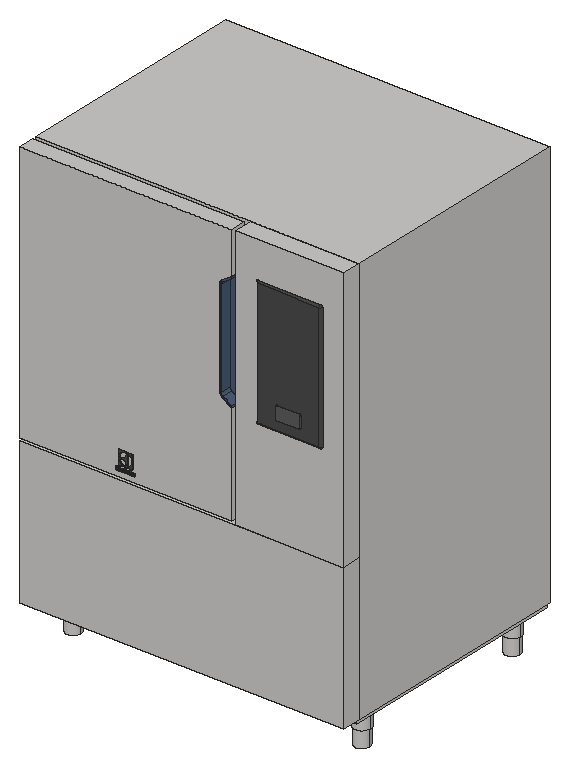
Revit family "QF_ELECTROLUXPROFESSIONAL_727739_EBFA12A", category Specialty Equipment, Revit 2018 (continued)
Lines and regions (mm)
  Split face 221
    outline origin (170.176, -292.149, -222.619) x (-1, 0, 0) y (0, 0, -1)
      loop
        line (846.638, -548.639) -> (956.654, -548.639) -> (956.654, -543.665) -> (846.638, -543.665) -> (846.638, -548.639)
  Split face 222
    outline origin (170.176, -292.149, -213.119) x (-1, 0, 0) y (0, 0, -1)
      loop
        line (846.638, -548.639) -> (956.654, -548.639) -> (956.654, -543.665) -> (846.638, -543.665) -> (846.638, -548.639)
  Split face 223
    outline origin (170.176, -292.149, -203.619) x (-1, 0, 0) y (0, 0, -1)
      loop
        line (846.638, -548.639) -> (956.654, -548.639) -> (956.654, -543.665) -> (846.638, -543.665) -> (846.638, -548.639)
  Split face 224
    outline origin (170.176, -292.149, -194.118) x (-1, 0, 0) y (0, 0, -1)
      loop
        line (846.638, -548.639) -> (956.654, -548.639) -> (956.654, -543.665) -> (846.638, -543.665) -> (846.638, -548.639)
  Split face 225
    outline origin (170.176, -292.149, -184.618) x (-1, 0, 0) y (0, 0, -1)
      loop
        line (846.638, -548.639) -> (956.654, -548.639) -> (956.654, -543.665) -> (846.638, -543.665) -> (846.638, -548.639)
  Split face 226
    outline origin (170.176, -292.149, -175.118) x (-1, 0, 0) y (0, 0, -1)
      loop
        line (846.638, -548.639) -> (956.654, -548.639) -> (956.654, -543.665) -> (846.638, -543.665) -> (846.638, -548.639)
  Split face 227
    outline origin (170.176, -292.149, -165.618) x (-1, 0, 0) y (0, 0, -1)
      loop
        line (846.638, -548.639) -> (956.654, -548.639) -> (956.654, -543.665) -> (846.638, -543.665) -> (846.638, -548.639)
  Split face 228
    outline origin (170.176, -292.149, -156.118) x (-1, 0, 0) y (0, 0, -1)
      loop
        line (846.638, -548.639) -> (956.654, -548.639) -> (956.654, -543.665) -> (846.638, -543.665) -> (846.638, -548.639)
  Split face 229
    outline origin (170.176, -292.149, -146.618) x (-1, 0, 0) y (0, 0, -1)
      loop
        line (846.638, -548.639) -> (956.654, -548.639) -> (956.654, -543.665) -> (846.638, -543.665) -> (846.638, -548.639)
  Split face 230
    outline origin (170.176, -292.149, -137.118) x (-1, 0, 0) y (0, 0, -1)
      loop
        line (846.638, -548.639) -> (956.654, -548.639) -> (956.654, -543.665) -> (846.638, -543.665) -> (846.638, -548.639)
  Split face 231
    outline origin (170.176, -292.149, -127.618) x (-1, 0, 0) y (0, 0, -1)
      loop
        line (846.638, -548.639) -> (956.654, -548.639) -> (956.654, -543.665) -> (846.638, -543.665) -> (846.638, -548.639)
  Split face 232
    outline origin (170.176, -292.149, -118.118) x (-1, 0, 0) y (0, 0, -1)
      loop
        line (846.638, -548.639) -> (956.654, -548.639) -> (956.654, -543.665) -> (846.638, -543.665) -> (846.638, -548.639)
  Split face 233
    outline origin (170.176, -292.149, -108.618) x (-1, 0, 0) y (0, 0, -1)
      loop
        line (846.638, -548.639) -> (956.654, -548.639) -> (956.654, -543.665) -> (846.638, -543.665) -> (846.638, -548.639)
  Split face 234
    outline origin (170.176, -292.149, -99.118) x (-1, 0, 0) y (0, 0, -1)
      loop
        line (846.638, -548.639) -> (956.654, -548.639) -> (956.654, -543.665) -> (846.638, -543.665) -> (846.638, -548.639)
  Split face 235
    outline origin (170.176, -292.149, -89.618) x (-1, 0, 0) y (0, 0, -1)
      loop
        line (846.638, -548.639) -> (956.654, -548.639) -> (956.654, -543.665) -> (846.638, -543.665) -> (846.638, -548.639)
  Split face 236
    outline origin (170.176, -292.149, -80.117) x (-1, 0, 0) y (0, 0, -1)
      loop
        line (846.638, -548.639) -> (956.654, -548.639) -> (956.654, -543.665) -> (846.638, -543.665) -> (846.638, -548.639)
  Split face 237
    outline origin (170.176, -292.149, -70.617) x (-1, 0, 0) y (0, 0, -1)
      loop
        line (846.638, -548.639) -> (956.654, -548.639) -> (956.654, -543.665) -> (846.638, -543.665) -> (846.638, -548.639)
  Split face 238
    outline origin (170.176, -292.149, -61.117) x (-1, 0, 0) y (0, 0, -1)
      loop
        line (846.638, -548.639) -> (956.654, -548.639) -> (956.654, -543.665) -> (846.638, -543.665) -> (846.638, -548.639)
  Split face 239
    outline origin (170.176, -292.149, -51.617) x (-1, 0, 0) y (0, 0, -1)
      loop
        line (846.638, -548.639) -> (956.654, -548.639) -> (956.654, -543.665) -> (846.638, -543.665) -> (846.638, -548.639)
  Split face 240
    outline origin (170.176, -292.149, -42.117) x (-1, 0, 0) y (0, 0, -1)
      loop
        line (846.638, -548.639) -> (956.654, -548.639) -> (956.654, -543.665) -> (846.638, -543.665) -> (846.638, -548.639)
  Split face 241
    outline origin (170.176, -292.149, -32.617) x (-1, 0, 0) y (0, 0, -1)
      loop
        line (846.638, -548.639) -> (956.654, -548.639) -> (956.654, -543.665) -> (846.638, -543.665) -> (846.638, -548.639)
  Split face 242
    outline origin (170.176, -292.149, -23.117) x (-1, 0, 0) y (0, 0, -1)
      loop
        line (846.638, -548.639) -> (956.654, -548.639) -> (956.654, -543.665) -> (846.638, -543.665) -> (846.638, -548.639)
  Split face 243
    outline origin (170.176, -292.149, -13.617) x (-1, 0, 0) y (0, 0, -1)
      loop
        line (846.638, -548.639) -> (956.654, -548.639) -> (956.654, -543.665) -> (846.638, -543.665) -> (846.638, -548.639)
  Split face 244
    outline origin (170.176, -292.149, -4.117) x (-1, 0, 0) y (0, 0, -1)
      loop
        line (846.638, -548.639) -> (956.654, -548.639) -> (956.654, -543.665) -> (846.638, -543.665) -> (846.638, -548.639)
  Split face 245
    outline origin (170.176, -292.149, 5.383) x (-1, 0, 0) y (0, 0, -1)
      loop
        line (846.638, -548.639) -> (956.654, -548.639) -> (956.654, -543.665) -> (846.638, -543.665) -> (846.638, -548.639)
  Split face 246
    outline origin (170.176, -292.149, 14.883) x (-1, 0, 0) y (0, 0, -1)
      loop
        line (846.638, -548.639) -> (956.654, -548.639) -> (956.654, -543.665) -> (846.638, -543.665) -> (846.638, -548.639)
  Split face 247
    outline origin (50.185, -292.149, -365.12) x (-1, 0, 0) y (0, 0, -1)
      loop
        line (846.638, -548.639) -> (956.654, -548.639) -> (956.654, -543.665) -> (846.638, -543.665) -> (846.638, -548.639)
  Split face 248
    outline origin (50.185, -292.149, -355.62) x (-1, 0, 0) y (0, 0, -1)
      loop
        line (846.638, -548.639) -> (956.654, -548.639) -> (956.654, -543.665) -> (846.638, -543.665) -> (846.638, -548.639)
  Split face 249
    outline origin (50.185, -292.149, -346.12) x (-1, 0, 0) y (0, 0, -1)
      loop
        line (846.638, -548.639) -> (956.654, -548.639) -> (956.654, -543.665) -> (846.638, -543.665) -> (846.638, -548.639)
  Split face 250
    outline origin (50.185, -292.149, -336.62) x (-1, 0, 0) y (0, 0, -1)
      loop
        line (846.638, -548.639) -> (956.654, -548.639) -> (956.654, -543.665) -> (846.638, -543.665) -> (846.638, -548.639)
  Split face 251
    outline origin (50.185, -292.149, -327.12) x (-1, 0, 0) y (0, 0, -1)
      loop
        line (846.638, -548.639) -> (956.654, -548.639) -> (956.654, -543.665) -> (846.638, -543.665) -> (846.638, -548.639)
  Split face 252
    outline origin (50.185, -292.149, -317.619) x (-1, 0, 0) y (0, 0, -1)
      loop
        line (846.638, -548.639) -> (956.654, -548.639) -> (956.654, -543.665) -> (846.638, -543.665) -> (846.638, -548.639)
  Split face 253
    outline origin (50.185, -292.149, -308.119) x (-1, 0, 0) y (0, 0, -1)
      loop
        line (846.638, -548.639) -> (956.654, -548.639) -> (956.654, -543.665) -> (846.638, -543.665) -> (846.638, -548.639)
  Split face 254
    outline origin (50.185, -292.149, -298.619) x (-1, 0, 0) y (0, 0, -1)
      loop
        line (846.638, -548.639) -> (956.654, -548.639) -> (956.654, -543.665) -> (846.638, -543.665) -> (846.638, -548.639)
  Split face 255
    outline origin (50.185, -292.149, -289.119) x (-1, 0, 0) y (0, 0, -1)
      loop
        line (846.638, -548.639) -> (956.654, -548.639) -> (956.654, -543.665) -> (846.638, -543.665) -> (846.638, -548.639)
  Split face 256
    outline origin (50.185, -292.149, -279.619) x (-1, 0, 0) y (0, 0, -1)
      loop
        line (846.638, -548.639) -> (956.654, -548.639) -> (956.654, -543.665) -> (846.638, -543.665) -> (846.638, -548.639)
  Split face 257
    outline origin (50.185, -292.149, -270.119) x (-1, 0, 0) y (0, 0, -1)
      loop
        line (846.638, -548.639) -> (956.654, -548.639) -> (956.654, -543.665) -> (846.638, -543.665) -> (846.638, -548.639)
  Split face 258
    outline origin (50.185, -292.149, -260.619) x (-1, 0, 0) y (0, 0, -1)
      loop
        line (846.638, -548.639) -> (956.654, -548.639) -> (956.654, -543.665) -> (846.638, -543.665) -> (846.638, -548.639)
  Split face 259
    outline origin (50.185, -292.149, -251.119) x (-1, 0, 0) y (0, 0, -1)
      loop
        line (846.638, -548.639) -> (956.654, -548.639) -> (956.654, -543.665) -> (846.638, -543.665) -> (846.638, -548.639)
  Split face 260
    outline origin (50.185, -292.149, -241.619) x (-1, 0, 0) y (0, 0, -1)
      loop
        line (846.638, -548.639) -> (956.654, -548.639) -> (956.654, -543.665) -> (846.638, -543.665) -> (846.638, -548.639)
  Split face 261
    outline origin (50.185, -292.149, -232.119) x (-1, 0, 0) y (0, 0, -1)
      loop
        line (846.638, -548.639) -> (956.654, -548.639) -> (956.654, -543.665) -> (846.638, -543.665) -> (846.638, -548.639)
  Split face 262
    outline origin (50.185, -292.149, -222.619) x (-1, 0, 0) y (0, 0, -1)
      loop
        line (846.638, -548.639) -> (956.654, -548.639) -> (956.654, -543.665) -> (846.638, -543.665) -> (846.638, -548.639)
  Split face 263
    outline origin (50.185, -292.149, -213.119) x (-1, 0, 0) y (0, 0, -1)
      loop
        line (846.638, -548.639) -> (956.654, -548.639) -> (956.654, -543.665) -> (846.638, -543.665) -> (846.638, -548.639)
  Split face 264
    outline origin (50.185, -292.149, -203.619) x (-1, 0, 0) y (0, 0, -1)
      loop
        line (846.638, -548.639) -> (956.654, -548.639) -> (956.654, -543.665) -> (846.638, -543.665) -> (846.638, -548.639)
  Split face 265
    outline origin (50.185, -292.149, -194.118) x (-1, 0, 0) y (0, 0, -1)
      loop
        line (846.638, -548.639) -> (956.654, -548.639) -> (956.654, -543.665) -> (846.638, -543.665) -> (846.638, -548.639)
  Split face 266
    outline origin (50.185, -292.149, -184.618) x (-1, 0, 0) y (0, 0, -1)
      loop
        line (846.638, -548.639) -> (956.654, -548.639) -> (956.654, -543.665) -> (846.638, -543.665) -> (846.638, -548.639)
  Split face 267
    outline origin (50.185, -292.149, -175.118) x (-1, 0, 0) y (0, 0, -1)
      loop
        line (846.638, -548.639) -> (956.654, -548.639) -> (956.654, -543.665) -> (846.638, -543.665) -> (846.638, -548.639)
  Split face 268
    outline origin (50.185, -292.149, -165.618) x (-1, 0, 0) y (0, 0, -1)
      loop
        line (846.638, -548.639) -> (956.654, -548.639) -> (956.654, -543.665) -> (846.638, -543.665) -> (846.638, -548.639)
  Split face 269
    outline origin (50.185, -292.149, -156.118) x (-1, 0, 0) y (0, 0, -1)
      loop
        line (846.638, -548.639) -> (956.654, -548.639) -> (956.654, -543.665) -> (846.638, -543.665) -> (846.638, -548.639)
  Split face 270
    outline origin (50.185, -292.149, -146.618) x (-1, 0, 0) y (0, 0, -1)
      loop
        line (846.638, -548.639) -> (956.654, -548.639) -> (956.654, -543.665) -> (846.638, -543.665) -> (846.638, -548.639)
  Split face 271
    outline origin (50.185, -292.149, -137.118) x (-1, 0, 0) y (0, 0, -1)
      loop
        line (846.638, -548.639) -> (956.654, -548.639) -> (956.654, -543.665) -> (846.638, -543.665) -> (846.638, -548.639)
  Split face 272
    outline origin (50.185, -292.149, -127.618) x (-1, 0, 0) y (0, 0, -1)
      loop
        line (846.638, -548.639) -> (956.654, -548.639) -> (956.654, -543.665) -> (846.638, -543.665) -> (846.638, -548.639)
  Split face 273
    outline origin (50.185, -292.149, -118.118) x (-1, 0, 0) y (0, 0, -1)
      loop
        line (846.638, -548.639) -> (956.654, -548.639) -> (956.654, -543.665) -> (846.638, -543.665) -> (846.638, -548.639)
  Split face 274
    outline origin (50.185, -292.149, -108.618) x (-1, 0, 0) y (0, 0, -1)
      loop
        line (846.638, -548.639) -> (956.654, -548.639) -> (956.654, -543.665) -> (846.638, -543.665) -> (846.638, -548.639)
  Split face 275
    outline origin (50.185, -292.149, -99.118) x (-1, 0, 0) y (0, 0, -1)
      loop
        line (846.638, -548.639) -> (956.654, -548.639) -> (956.654, -543.665) -> (846.638, -543.665) -> (846.638, -548.639)
  Split face 276
    outline origin (50.185, -292.149, -89.618) x (-1, 0, 0) y (0, 0, -1)
      loop
        line (846.638, -548.639) -> (956.654, -548.639) -> (956.654, -543.665) -> (846.638, -543.665) -> (846.638, -548.639)
  Split face 277
    outline origin (50.185, -292.149, -80.117) x (-1, 0, 0) y (0, 0, -1)
      loop
        line (846.638, -548.639) -> (956.654, -548.639) -> (956.654, -543.665) -> (846.638, -543.665) -> (846.638, -548.639)
  Split face 278
    outline origin (50.185, -292.149, -70.617) x (-1, 0, 0) y (0, 0, -1)
      loop
        line (846.638, -548.639) -> (956.654, -548.639) -> (956.654, -543.665) -> (846.638, -543.665) -> (846.638, -548.639)
  Split face 279
    outline origin (50.185, -292.149, -61.117) x (-1, 0, 0) y (0, 0, -1)
      loop
        line (846.638, -548.639) -> (956.654, -548.639) -> (956.654, -543.665) -> (846.638, -543.665) -> (846.638, -548.639)
  Split face 280
    outline origin (50.185, -292.149, -51.617) x (-1, 0, 0) y (0, 0, -1)
      loop
        line (846.638, -548.639) -> (956.654, -548.639) -> (956.654, -543.665) -> (846.638, -543.665) -> (846.638, -548.639)
  Split face 281
    outline origin (50.185, -292.149, -42.117) x (-1, 0, 0) y (0, 0, -1)
      loop
        line (846.638, -548.639) -> (956.654, -548.639) -> (956.654, -543.665) -> (846.638, -543.665) -> (846.638, -548.639)
  Split face 282
    outline origin (50.185, -292.149, -32.617) x (-1, 0, 0) y (0, 0, -1)
      loop
        line (846.638, -548.639) -> (956.654, -548.639) -> (956.654, -543.665) -> (846.638, -543.665) -> (846.638, -548.639)
  Split face 283
    outline origin (50.185, -292.149, -23.117) x (-1, 0, 0) y (0, 0, -1)
      loop
        line (846.638, -548.639) -> (956.654, -548.639) -> (956.654, -543.665) -> (846.638, -543.665) -> (846.638, -548.639)
  Split face 284
    outline origin (50.185, -292.149, -13.617) x (-1, 0, 0) y (0, 0, -1)
      loop
        line (846.638, -548.639) -> (956.654, -548.639) -> (956.654, -543.665) -> (846.638, -543.665) -> (846.638, -548.639)
  Split face 285
    outline origin (50.185, -292.149, -4.117) x (-1, 0, 0) y (0, 0, -1)
      loop
        line (846.638, -548.639) -> (956.654, -548.639) -> (956.654, -543.665) -> (846.638, -543.665) -> (846.638, -548.639)
  Split face 286
    outline origin (50.185, -292.149, 5.383) x (-1, 0, 0) y (0, 0, -1)
      loop
        line (846.638, -548.639) -> (956.654, -548.639) -> (956.654, -543.665) -> (846.638, -543.665) -> (846.638, -548.639)
  Split face 287
    outline origin (50.185, -292.149, 14.883) x (-1, 0, 0) y (0, 0, -1)
      loop
        line (846.638, -548.639) -> (956.654, -548.639) -> (956.654, -543.665) -> (846.638, -543.665) -> (846.638, -548.639)
  Split face 288
    outline origin (530.15, -292.149, -365.12) x (-1, 0, 0) y (0, 0, -1)
      loop
        line (846.638, -548.639) -> (956.654, -548.639) -> (956.654, -543.665) -> (846.638, -543.665) -> (846.638, -548.639)
  Split face 289
    outline origin (530.15, -292.149, -355.62) x (-1, 0, 0) y (0, 0, -1)
      loop
        line (846.638, -548.639) -> (956.654, -548.639) -> (956.654, -543.665) -> (846.638, -543.665) -> (846.638, -548.639)
  Split face 290
    outline origin (530.15, -292.149, -346.12) x (-1, 0, 0) y (0, 0, -1)
      loop
        line (846.638, -548.639) -> (956.654, -548.639) -> (956.654, -543.665) -> (846.638, -543.665) -> (846.638, -548.639)
  Split face 291
    outline origin (530.15, -292.149, -336.62) x (-1, 0, 0) y (0, 0, -1)
      loop
        line (846.638, -548.639) -> (956.654, -548.639) -> (956.654, -543.665) -> (846.638, -543.665) -> (846.638, -548.639)
  Split face 292
    outline origin (530.15, -292.149, -327.12) x (-1, 0, 0) y (0, 0, -1)
      loop
        line (846.638, -548.639) -> (956.654, -548.639) -> (956.654, -543.665) -> (846.638, -543.665) -> (846.638, -548.639)
  Split face 293
    outline origin (530.15, -292.149, -317.619) x (-1, 0, 0) y (0, 0, -1)
      loop
        line (846.638, -548.639) -> (956.654, -548.639) -> (956.654, -543.665) -> (846.638, -543.665) -> (846.638, -548.639)
  Split face 294
    outline origin (530.15, -292.149, -308.119) x (-1, 0, 0) y (0, 0, -1)
      loop
        line (846.638, -548.639) -> (956.654, -548.639) -> (956.654, -543.665) -> (846.638, -543.665) -> (846.638, -548.639)
  Split face 295
    outline origin (530.15, -292.149, -298.619) x (-1, 0, 0) y (0, 0, -1)
      loop
        line (846.638, -548.639) -> (956.654, -548.639) -> (956.654, -543.665) -> (846.638, -543.665) -> (846.638, -548.639)
  Split face 296
    outline origin (530.15, -292.149, -289.119) x (-1, 0, 0) y (0, 0, -1)
      loop
        line (846.638, -548.639) -> (956.654, -548.639) -> (956.654, -543.665) -> (846.638, -543.665) -> (846.638, -548.639)
  Split face 297
    outline origin (530.15, -292.149, -279.619) x (-1, 0, 0) y (0, 0, -1)
      loop
        line (846.638, -548.639) -> (956.654, -548.639) -> (956.654, -543.665) -> (846.638, -543.665) -> (846.638, -548.639)
  Split face 298
    outline origin (530.15, -292.149, -270.119) x (-1, 0, 0) y (0, 0, -1)
      loop
        line (846.638, -548.639) -> (956.654, -548.639) -> (956.654, -543.665) -> (846.638, -543.665) -> (846.638, -548.639)
  Split face 299
    outline origin (530.15, -292.149, -260.619) x (-1, 0, 0) y (0, 0, -1)
      loop
        line (846.638, -548.639) -> (956.654, -548.639) -> (956.654, -543.665) -> (846.638, -543.665) -> (846.638, -548.639)
  Split face 300
    outline origin (530.15, -292.149, -251.119) x (-1, 0, 0) y (0, 0, -1)
      loop
        line (846.638, -548.639) -> (956.654, -548.639) -> (956.654, -543.665) -> (846.638, -543.665) -> (846.638, -548.639)
  Split face 301
    outline origin (530.15, -292.149, -241.619) x (-1, 0, 0) y (0, 0, -1)
      loop
        line (846.638, -548.639) -> (956.654, -548.639) -> (956.654, -543.665) -> (846.638, -543.665) -> (846.638, -548.639)
  Split face 302
    outline origin (530.15, -292.149, -232.119) x (-1, 0, 0) y (0, 0, -1)
      loop
        line (846.638, -548.639) -> (956.654, -548.639) -> (956.654, -543.665) -> (846.638, -543.665) -> (846.638, -548.639)
  Split face 303
    outline origin (530.15, -292.149, -222.619) x (-1, 0, 0) y (0, 0, -1)
      loop
        line (846.638, -548.639) -> (956.654, -548.639) -> (956.654, -543.665) -> (846.638, -543.665) -> (846.638, -548.639)
  Split face 304
    outline origin (530.15, -292.149, -213.119) x (-1, 0, 0) y (0, 0, -1)
      loop
        line (846.638, -548.639) -> (956.654, -548.639) -> (956.654, -543.665) -> (846.638, -543.665) -> (846.638, -548.639)
  Split face 305
    outline origin (530.15, -292.149, -203.619) x (-1, 0, 0) y (0, 0, -1)
      loop
        line (846.638, -548.639) -> (956.654, -548.639) -> (956.654, -543.665) -> (846.638, -543.665) -> (846.638, -548.639)
  Split face 306
    outline origin (530.15, -292.149, -194.118) x (-1, 0, 0) y (0, 0, -1)
      loop
        line (846.638, -548.639) -> (956.654, -548.639) -> (956.654, -543.665) -> (846.638, -543.665) -> (846.638, -548.639)
  Split face 307
    outline origin (530.15, -292.149, -184.618) x (-1, 0, 0) y (0, 0, -1)
      loop
        line (846.638, -548.639) -> (956.654, -548.639) -> (956.654, -543.665) -> (846.638, -543.665) -> (846.638, -548.639)
  Split face 308
    outline origin (530.15, -292.149, -175.118) x (-1, 0, 0) y (0, 0, -1)
      loop
        line (846.638, -548.639) -> (956.654, -548.639) -> (956.654, -543.665) -> (846.638, -543.665) -> (846.638, -548.639)
  Split face 309
    outline origin (530.15, -292.149, -165.618) x (-1, 0, 0) y (0, 0, -1)
      loop
        line (846.638, -548.639) -> (956.654, -548.639) -> (956.654, -543.665) -> (846.638, -543.665) -> (846.638, -548.639)
  Split face 310
    outline origin (530.15, -292.149, -156.118) x (-1, 0, 0) y (0, 0, -1)
      loop
        line (846.638, -548.639) -> (956.654, -548.639) -> (956.654, -543.665) -> (846.638, -543.665) -> (846.638, -548.639)
  Split face 311
    outline origin (530.15, -292.149, -146.618) x (-1, 0, 0) y (0, 0, -1)
      loop
        line (846.638, -548.639) -> (956.654, -548.639) -> (956.654, -543.665) -> (846.638, -543.665) -> (846.638, -548.639)
  Split face 312
    outline origin (530.15, -292.149, -137.118) x (-1, 0, 0) y (0, 0, -1)
      loop
        line (846.638, -548.639) -> (956.654, -548.639) -> (956.654, -543.665) -> (846.638, -543.665) -> (846.638, -548.639)
  Split face 313
    outline origin (530.15, -292.149, -127.618) x (-1, 0, 0) y (0, 0, -1)
      loop
        line (846.638, -548.639) -> (956.654, -548.639) -> (956.654, -543.665) -> (846.638, -543.665) -> (846.638, -548.639)
  Split face 314
    outline origin (530.15, -292.149, -118.118) x (-1, 0, 0) y (0, 0, -1)
      loop
        line (846.638, -548.639) -> (956.654, -548.639) -> (956.654, -543.665) -> (846.638, -543.665) -> (846.638, -548.639)
  Split face 315
    outline origin (530.15, -292.149, -108.618) x (-1, 0, 0) y (0, 0, -1)
      loop
        line (846.638, -548.639) -> (956.654, -548.639) -> (956.654, -543.665) -> (846.638, -543.665) -> (846.638, -548.639)
  Split face 316
    outline origin (530.15, -292.149, -99.118) x (-1, 0, 0) y (0, 0, -1)
      loop
        line (846.638, -548.639) -> (956.654, -548.639) -> (956.654, -543.665) -> (846.638, -543.665) -> (846.638, -548.639)
  Split face 317
    outline origin (530.15, -292.149, -89.618) x (-1, 0, 0) y (0, 0, -1)
      loop
        line (846.638, -548.639) -> (956.654, -548.639) -> (956.654, -543.665) -> (846.638, -543.665) -> (846.638, -548.639)
  Split face 318
    outline origin (530.15, -292.149, -80.117) x (-1, 0, 0) y (0, 0, -1)
      loop
        line (846.638, -548.639) -> (956.654, -548.639) -> (956.654, -543.665) -> (846.638, -543.665) -> (846.638, -548.639)
  Split face 319
    outline origin (530.15, -292.149, -70.617) x (-1, 0, 0) y (0, 0, -1)
      loop
        line (846.638, -548.639) -> (956.654, -548.639) -> (956.654, -543.665) -> (846.638, -543.665) -> (846.638, -548.639)
  Split face 320
    outline origin (530.15, -292.149, -61.117) x (-1, 0, 0) y (0, 0, -1)
      loop
        line (846.638, -548.639) -> (956.654, -548.639) -> (956.654, -543.665) -> (846.638, -543.665) -> (846.638, -548.639)
  Split face 321
    outline origin (530.15, -292.149, -51.617) x (-1, 0, 0) y (0, 0, -1)
      loop
        line (846.638, -548.639) -> (956.654, -548.639) -> (956.654, -543.665) -> (846.638, -543.665) -> (846.638, -548.639)
  Split face 322
    outline origin (530.15, -292.149, -42.117) x (-1, 0, 0) y (0, 0, -1)
      loop
        line (846.638, -548.639) -> (956.654, -548.639) -> (956.654, -543.665) -> (846.638, -543.665) -> (846.638, -548.639)
  Split face 323
    outline origin (530.15, -292.149, -32.617) x (-1, 0, 0) y (0, 0, -1)
      loop
        line (846.638, -548.639) -> (956.654, -548.639) -> (956.654, -543.665) -> (846.638, -543.665) -> (846.638, -548.639)
  Split face 324
    outline origin (530.15, -292.149, -23.117) x (-1, 0, 0) y (0, 0, -1)
      loop
        line (846.638, -548.639) -> (956.654, -548.639) -> (956.654, -543.665) -> (846.638, -543.665) -> (846.638, -548.639)
  Split face 325
    outline origin (530.15, -292.149, -13.617) x (-1, 0, 0) y (0, 0, -1)
      loop
        line (846.638, -548.639) -> (956.654, -548.639) -> (956.654, -543.665) -> (846.638, -543.665) -> (846.638, -548.639)
  Split face 326
    outline origin (530.15, -292.149, -4.117) x (-1, 0, 0) y (0, 0, -1)
      loop
        line (846.638, -548.639) -> (956.654, -548.639) -> (956.654, -543.665) -> (846.638, -543.665) -> (846.638, -548.639)
  Split face 327
    outline origin (530.15, -292.149, 5.383) x (-1, 0, 0) y (0, 0, -1)
      loop
        line (846.638, -548.639) -> (956.654, -548.639) -> (956.654, -543.665) -> (846.638, -543.665) -> (846.638, -548.639)
  Split face 328
    outline origin (530.15, -292.149, 14.883) x (-1, 0, 0) y (0, 0, -1)
      loop
        line (846.638, -548.639) -> (956.654, -548.639) -> (956.654, -543.665) -> (846.638, -543.665) -> (846.638, -548.639)
  Split face 329
    outline origin (410.159, -292.149, -365.12) x (-1, 0, 0) y (0, 0, -1)
      loop
        line (846.638, -548.639) -> (956.654, -548.639) -> (956.654, -543.665) -> (846.638, -543.665) -> (846.638, -548.639)
  Split face 330
    outline origin (410.159, -292.149, -355.62) x (-1, 0, 0) y (0, 0, -1)
      loop
        line (846.638, -548.639) -> (956.654, -548.639) -> (956.654, -543.665) -> (846.638, -543.665) -> (846.638, -548.639)
  Split face 331
    outline origin (410.159, -292.149, -346.12) x (-1, 0, 0) y (0, 0, -1)
      loop
        line (846.638, -548.639) -> (956.654, -548.639) -> (956.654, -543.665) -> (846.638, -543.665) -> (846.638, -548.639)
  Split face 332
    outline origin (410.159, -292.149, -336.62) x (-1, 0, 0) y (0, 0, -1)
      loop
        line (846.638, -548.639) -> (956.654, -548.639) -> (956.654, -543.665) -> (846.638, -543.665) -> (846.638, -548.639)
  Split face 333
    outline origin (410.159, -292.149, -327.12) x (-1, 0, 0) y (0, 0, -1)
      loop
        line (846.638, -548.639) -> (956.654, -548.639) -> (956.654, -543.665) -> (846.638, -543.665) -> (846.638, -548.639)
  Split face 334
    outline origin (410.159, -292.149, -317.619) x (-1, 0, 0) y (0, 0, -1)
      loop
        line (846.638, -548.639) -> (956.654, -548.639) -> (956.654, -543.665) -> (846.638, -543.665) -> (846.638, -548.639)
  Split face 335
    outline origin (410.159, -292.149, -308.119) x (-1, 0, 0) y (0, 0, -1)
      loop
        line (846.638, -548.639) -> (956.654, -548.639) -> (956.654, -543.665) -> (846.638, -543.665) -> (846.638, -548.639)
  Split face 336
    outline origin (410.159, -292.149, -298.619) x (-1, 0, 0) y (0, 0, -1)
      loop
        line (846.638, -548.639) -> (956.654, -548.639) -> (956.654, -543.665) -> (846.638, -543.665) -> (846.638, -548.639)
  Split face 337
    outline origin (410.159, -292.149, -289.119) x (-1, 0, 0) y (0, 0, -1)
      loop
        line (846.638, -548.639) -> (956.654, -548.639) -> (956.654, -543.665) -> (846.638, -543.665) -> (846.638, -548.639)
  Split face 338
    outline origin (410.159, -292.149, -279.619) x (-1, 0, 0) y (0, 0, -1)
      loop
        line (846.638, -548.639) -> (956.654, -548.639) -> (956.654, -543.665) -> (846.638, -543.665) -> (846.638, -548.639)
  Split face 339
    outline origin (410.159, -292.149, -270.119) x (-1, 0, 0) y (0, 0, -1)
      loop
        line (846.638, -548.639) -> (956.654, -548.639) -> (956.654, -543.665) -> (846.638, -543.665) -> (846.638, -548.639)
  Split face 340
    outline origin (410.159, -292.149, -260.619) x (-1, 0, 0) y (0, 0, -1)
      loop
        line (846.638, -548.639) -> (956.654, -548.639) -> (956.654, -543.665) -> (846.638, -543.665) -> (846.638, -548.639)
  Split face 341
    outline origin (410.159, -292.149, -251.119) x (-1, 0, 0) y (0, 0, -1)
      loop
        line (846.638, -548.639) -> (956.654, -548.639) -> (956.654, -543.665) -> (846.638, -543.665) -> (846.638, -548.639)
  Split face 342
    outline origin (410.159, -292.149, -241.619) x (-1, 0, 0) y (0, 0, -1)
      loop
        line (846.638, -548.639) -> (956.654, -548.639) -> (956.654, -543.665) -> (846.638, -543.665) -> (846.638, -548.639)
  Split face 343
    outline origin (410.159, -292.149, -232.119) x (-1, 0, 0) y (0, 0, -1)
      loop
        line (846.638, -548.639) -> (956.654, -548.639) -> (956.654, -543.665) -> (846.638, -543.665) -> (846.638, -548.639)
  Split face 344
    outline origin (410.159, -292.149, -222.619) x (-1, 0, 0) y (0, 0, -1)
      loop
        line (846.638, -548.639) -> (956.654, -548.639) -> (956.654, -543.665) -> (846.638, -543.665) -> (846.638, -548.639)
  Split face 345
    outline origin (410.159, -292.149, -213.119) x (-1, 0, 0) y (0, 0, -1)
      loop
        line (846.638, -548.639) -> (956.654, -548.639) -> (956.654, -543.665) -> (846.638, -543.665) -> (846.638, -548.639)
  Split face 346
    outline origin (410.159, -292.149, -203.619) x (-1, 0, 0) y (0, 0, -1)
      loop
        line (846.638, -548.639) -> (956.654, -548.639) -> (956.654, -543.665) -> (846.638, -543.665) -> (846.638, -548.639)
  Split face 347
    outline origin (410.159, -292.149, -194.118) x (-1, 0, 0) y (0, 0, -1)
      loop
        line (846.638, -548.639) -> (956.654, -548.639) -> (956.654, -543.665) -> (846.638, -543.665) -> (846.638, -548.639)
  Split face 348
    outline origin (410.159, -292.149, -184.618) x (-1, 0, 0) y (0, 0, -1)
      loop
        line (846.638, -548.639) -> (956.654, -548.639) -> (956.654, -543.665) -> (846.638, -543.665) -> (846.638, -548.639)
  Split face 349
    outline origin (410.159, -292.149, -175.118) x (-1, 0, 0) y (0, 0, -1)
      loop
        line (846.638, -548.639) -> (956.654, -548.639) -> (956.654, -543.665) -> (846.638, -543.665) -> (846.638, -548.639)
  Split face 350
    outline origin (410.159, -292.149, -165.618) x (-1, 0, 0) y (0, 0, -1)
      loop
        line (846.638, -548.639) -> (956.654, -548.639) -> (956.654, -543.665) -> (846.638, -543.665) -> (846.638, -548.639)
  Split face 351
    outline origin (410.159, -292.149, -156.118) x (-1, 0, 0) y (0, 0, -1)
      loop
        line (846.638, -548.639) -> (956.654, -548.639) -> (956.654, -543.665) -> (846.638, -543.665) -> (846.638, -548.639)
  Split face 352
    outline origin (410.159, -292.149, -146.618) x (-1, 0, 0) y (0, 0, -1)
      loop
        line (846.638, -548.639) -> (956.654, -548.639) -> (956.654, -543.665) -> (846.638, -543.665) -> (846.638, -548.639)
  Split face 353
    outline origin (410.159, -292.149, -137.118) x (-1, 0, 0) y (0, 0, -1)
      loop
        line (846.638, -548.639) -> (956.654, -548.639) -> (956.654, -543.665) -> (846.638, -543.665) -> (846.638, -548.639)
  Split face 354
    outline origin (410.159, -292.149, -127.618) x (-1, 0, 0) y (0, 0, -1)
      loop
        line (846.638, -548.639) -> (956.654, -548.639) -> (956.654, -543.665) -> (846.638, -543.665) -> (846.638, -548.639)
  Split face 355
    outline origin (410.159, -292.149, -118.118) x (-1, 0, 0) y (0, 0, -1)
      loop
        line (846.638, -548.639) -> (956.654, -548.639) -> (956.654, -543.665) -> (846.638, -543.665) -> (846.638, -548.639)
  Split face 356
    outline origin (410.159, -292.149, -108.618) x (-1, 0, 0) y (0, 0, -1)
      loop
        line (846.638, -548.639) -> (956.654, -548.639) -> (956.654, -543.665) -> (846.638, -543.665) -> (846.638, -548.639)
  Split face 357
    outline origin (410.159, -292.149, -99.118) x (-1, 0, 0) y (0, 0, -1)
      loop
        line (846.638, -548.639) -> (956.654, -548.639) -> (956.654, -543.665) -> (846.638, -543.665) -> (846.638, -548.639)
  Split face 358
    outline origin (410.159, -292.149, -89.618) x (-1, 0, 0) y (0, 0, -1)
      loop
        line (846.638, -548.639) -> (956.654, -548.639) -> (956.654, -543.665) -> (846.638, -543.665) -> (846.638, -548.639)
  Split face 359
    outline origin (410.159, -292.149, -80.117) x (-1, 0, 0) y (0, 0, -1)
      loop
        line (846.638, -548.639) -> (956.654, -548.639) -> (956.654, -543.665) -> (846.638, -543.665) -> (846.638, -548.639)
  Split face 360
    outline origin (410.159, -292.149, -70.617) x (-1, 0, 0) y (0, 0, -1)
      loop
        line (846.638, -548.639) -> (956.654, -548.639) -> (956.654, -543.665) -> (846.638, -543.665) -> (846.638, -548.639)
  Split face 361
    outline origin (410.159, -292.149, -61.117) x (-1, 0, 0) y (0, 0, -1)
      loop
        line (846.638, -548.639) -> (956.654, -548.639) -> (956.654, -543.665) -> (846.638, -543.665) -> (846.638, -548.639)
  Split face 362
    outline origin (410.159, -292.149, -51.617) x (-1, 0, 0) y (0, 0, -1)
      loop
        line (846.638, -548.639) -> (956.654, -548.639) -> (956.654, -543.665) -> (846.638, -543.665) -> (846.638, -548.639)
  Split face 363
    outline origin (410.159, -292.149, -42.117) x (-1, 0, 0) y (0, 0, -1)
      loop
        line (846.638, -548.639) -> (956.654, -548.639) -> (956.654, -543.665) -> (846.638, -543.665) -> (846.638, -548.639)
  Split face 364
    outline origin (410.159, -292.149, -32.617) x (-1, 0, 0) y (0, 0, -1)
      loop
        line (846.638, -548.639) -> (956.654, -548.639) -> (956.654, -543.665) -> (846.638, -543.665) -> (846.638, -548.639)
  Split face 365
    outline origin (410.159, -292.149, -23.117) x (-1, 0, 0) y (0, 0, -1)
      loop
        line (846.638, -548.639) -> (956.654, -548.639) -> (956.654, -543.665) -> (846.638, -543.665) -> (846.638, -548.639)
  Split face 366
    outline origin (410.159, -292.149, -13.617) x (-1, 0, 0) y (0, 0, -1)
      loop
        line (846.638, -548.639) -> (956.654, -548.639) -> (956.654, -543.665) -> (846.638, -543.665) -> (846.638, -548.639)
  Split face 367
    outline origin (410.159, -292.149, -4.117) x (-1, 0, 0) y (0, 0, -1)
      loop
        line (846.638, -548.639) -> (956.654, -548.639) -> (956.654, -543.665) -> (846.638, -543.665) -> (846.638, -548.639)
  Split face 368
    outline origin (410.159, -292.149, 5.383) x (-1, 0, 0) y (0, 0, -1)
      loop
        line (846.638, -548.639) -> (956.654, -548.639) -> (956.654, -543.665) -> (846.638, -543.665) -> (846.638, -548.639)
  Split face 369
    outline origin (410.159, -292.149, 14.883) x (-1, 0, 0) y (0, 0, -1)
      loop
        line (846.638, -548.639) -> (956.654, -548.639) -> (956.654, -543.665) -> (846.638, -543.665) -> (846.638, -548.639)
  Split face 370
    outline origin (650.142, -292.149, -365.12) x (-1, 0, 0) y (0, 0, -1)
      loop
        line (846.638, -548.639) -> (956.654, -548.639) -> (956.654, -543.665) -> (846.638, -543.665) -> (846.638, -548.639)
  Split face 371
    outline origin (650.142, -292.149, -355.62) x (-1, 0, 0) y (0, 0, -1)
      loop
        line (846.638, -548.639) -> (956.654, -548.639) -> (956.654, -543.665) -> (846.638, -543.665) -> (846.638, -548.639)
  Split face 372
    outline origin (650.142, -292.149, -346.12) x (-1, 0, 0) y (0, 0, -1)
      loop
        line (846.638, -548.639) -> (956.654, -548.639) -> (956.654, -543.665) -> (846.638, -543.665) -> (846.638, -548.639)
  Split face 373
    outline origin (650.142, -292.149, -336.62) x (-1, 0, 0) y (0, 0, -1)
      loop
        line (846.638, -548.639) -> (956.654, -548.639) -> (956.654, -543.665) -> (846.638, -543.665) -> (846.638, -548.639)
  Split face 374
    outline origin (650.142, -292.149, -327.12) x (-1, 0, 0) y (0, 0, -1)
      loop
        line (846.638, -548.639) -> (956.654, -548.639) -> (956.654, -543.665) -> (846.638, -543.665) -> (846.638, -548.639)
  Split face 375
    outline origin (650.142, -292.149, -317.619) x (-1, 0, 0) y (0, 0, -1)
      loop
        line (846.638, -548.639) -> (956.654, -548.639) -> (956.654, -543.665) -> (846.638, -543.665) -> (846.638, -548.639)
  Split face 376
    outline origin (650.142, -292.149, -308.119) x (-1, 0, 0) y (0, 0, -1)
      loop
        line (846.638, -548.639) -> (956.654, -548.639) -> (956.654, -543.665) -> (846.638, -543.665) -> (846.638, -548.639)
  Split face 377
    outline origin (650.142, -292.149, -298.619) x (-1, 0, 0) y (0, 0, -1)
      loop
        line (846.638, -548.639) -> (956.654, -548.639) -> (956.654, -543.665) -> (846.638, -543.665) -> (846.638, -548.639)
  Split face 378
    outline origin (650.142, -292.149, -289.119) x (-1, 0, 0) y (0, 0, -1)
      loop
        line (846.638, -548.639) -> (956.654, -548.639) -> (956.654, -543.665) -> (846.638, -543.665) -> (846.638, -548.639)
  Split face 379
    outline origin (650.142, -292.149, -279.619) x (-1, 0, 0) y (0, 0, -1)
      loop
        line (846.638, -548.639) -> (956.654, -548.639) -> (956.654, -543.665) -> (846.638, -543.665) -> (846.638, -548.639)
  Split face 380
    outline origin (650.142, -292.149, -270.119) x (-1, 0, 0) y (0, 0, -1)
      loop
        line (846.638, -548.639) -> (956.654, -548.639) -> (956.654, -543.665) -> (846.638, -543.665) -> (846.638, -548.639)
  Split face 381
    outline origin (650.142, -292.149, -260.619) x (-1, 0, 0) y (0, 0, -1)
      loop
        line (846.638, -548.639) -> (956.654, -548.639) -> (956.654, -543.665) -> (846.638, -543.665) -> (846.638, -548.639)
  Split face 382
    outline origin (650.142, -292.149, -251.119) x (-1, 0, 0) y (0, 0, -1)
      loop
        line (846.638, -548.639) -> (956.654, -548.639) -> (956.654, -543.665) -> (846.638, -543.665) -> (846.638, -548.639)
  Split face 383
    outline origin (650.142, -292.149, -241.619) x (-1, 0, 0) y (0, 0, -1)
      loop
        line (846.638, -548.639) -> (956.654, -548.639) -> (956.654, -543.665) -> (846.638, -543.665) -> (846.638, -548.639)
  Split face 384
    outline origin (650.142, -292.149, -232.119) x (-1, 0, 0) y (0, 0, -1)
      loop
        line (846.638, -548.639) -> (956.654, -548.639) -> (956.654, -543.665) -> (846.638, -543.665) -> (846.638, -548.639)
  Split face 385
    outline origin (650.142, -292.149, -222.619) x (-1, 0, 0) y (0, 0, -1)
      loop
        line (846.638, -548.639) -> (956.654, -548.639) -> (956.654, -543.665) -> (846.638, -543.665) -> (846.638, -548.639)
  Split face 386
    outline origin (650.142, -292.149, -213.119) x (-1, 0, 0) y (0, 0, -1)
      loop
        line (846.638, -548.639) -> (956.654, -548.639) -> (956.654, -543.665) -> (846.638, -543.665) -> (846.638, -548.639)
  Split face 387
    outline origin (650.142, -292.149, -203.619) x (-1, 0, 0) y (0, 0, -1)
      loop
        line (846.638, -548.639) -> (956.654, -548.639) -> (956.654, -543.665) -> (846.638, -543.665) -> (846.638, -548.639)
  Split face 388
    outline origin (650.142, -292.149, -194.118) x (-1, 0, 0) y (0, 0, -1)
      loop
        line (846.638, -548.639) -> (956.654, -548.639) -> (956.654, -543.665) -> (846.638, -543.665) -> (846.638, -548.639)
  Split face 389
    outline origin (650.142, -292.149, -184.618) x (-1, 0, 0) y (0, 0, -1)
      loop
        line (846.638, -548.639) -> (956.654, -548.639) -> (956.654, -543.665) -> (846.638, -543.665) -> (846.638, -548.639)
  Split face 390
    outline origin (650.142, -292.149, -175.118) x (-1, 0, 0) y (0, 0, -1)
      loop
        line (846.638, -548.639) -> (956.654, -548.639) -> (956.654, -543.665) -> (846.638, -543.665) -> (846.638, -548.639)
  Split face 391
    outline origin (650.142, -292.149, -165.618) x (-1, 0, 0) y (0, 0, -1)
      loop
        line (846.638, -548.639) -> (956.654, -548.639) -> (956.654, -543.665) -> (846.638, -543.665) -> (846.638, -548.639)
  Split face 392
    outline origin (650.142, -292.149, -156.118) x (-1, 0, 0) y (0, 0, -1)
      loop
        line (846.638, -548.639) -> (956.654, -548.639) -> (956.654, -543.665) -> (846.638, -543.665) -> (846.638, -548.639)
  Split face 393
    outline origin (650.142, -292.149, -146.618) x (-1, 0, 0) y (0, 0, -1)
      loop
        line (846.638, -548.639) -> (956.654, -548.639) -> (956.654, -543.665) -> (846.638, -543.665) -> (846.638, -548.639)
  Split face 394
    outline origin (650.142, -292.149, -137.118) x (-1, 0, 0) y (0, 0, -1)
      loop
        line (846.638, -548.639) -> (956.654, -548.639) -> (956.654, -543.665) -> (846.638, -543.665) -> (846.638, -548.639)
  Split face 395
    outline origin (650.142, -292.149, -127.618) x (-1, 0, 0) y (0, 0, -1)
      loop
        line (846.638, -548.639) -> (956.654, -548.639) -> (956.654, -543.665) -> (846.638, -543.665) -> (846.638, -548.639)
  Split face 396
    outline origin (650.142, -292.149, -118.118) x (-1, 0, 0) y (0, 0, -1)
      loop
        line (846.638, -548.639) -> (956.654, -548.639) -> (956.654, -543.665) -> (846.638, -543.665) -> (846.638, -548.639)
  Split face 397
    outline origin (650.142, -292.149, -108.618) x (-1, 0, 0) y (0, 0, -1)
      loop
        line (846.638, -548.639) -> (956.654, -548.639) -> (956.654, -543.665) -> (846.638, -543.665) -> (846.638, -548.639)
  Split face 398
    outline origin (650.142, -292.149, -99.118) x (-1, 0, 0) y (0, 0, -1)
      loop
        line (846.638, -548.639) -> (956.654, -548.639) -> (956.654, -543.665) -> (846.638, -543.665) -> (846.638, -548.639)
  Split face 399
    outline origin (650.142, -292.149, -89.618) x (-1, 0, 0) y (0, 0, -1)
      loop
        line (846.638, -548.639) -> (956.654, -548.639) -> (956.654, -543.665) -> (846.638, -543.665) -> (846.638, -548.639)
  Split face 400
    outline origin (650.142, -292.149, -80.117) x (-1, 0, 0) y (0, 0, -1)
      loop
        line (846.638, -548.639) -> (956.654, -548.639) -> (956.654, -543.665) -> (846.638, -543.665) -> (846.638, -548.639)
  Split face 401
    outline origin (650.142, -292.149, -70.617) x (-1, 0, 0) y (0, 0, -1)
      loop
        line (846.638, -548.639) -> (956.654, -548.639) -> (956.654, -543.665) -> (846.638, -543.665) -> (846.638, -548.639)
  Split face 402
    outline origin (650.142, -292.149, -61.117) x (-1, 0, 0) y (0, 0, -1)
      loop
        line (846.638, -548.639) -> (956.654, -548.639) -> (956.654, -543.665) -> (846.638, -543.665) -> (846.638, -548.639)
  Split face 403
    outline origin (650.142, -292.149, -51.617) x (-1, 0, 0) y (0, 0, -1)
      loop
        line (846.638, -548.639) -> (956.654, -548.639) -> (956.654, -543.665) -> (846.638, -543.665) -> (846.638, -548.639)
  Split face 404
    outline origin (650.142, -292.149, -42.117) x (-1, 0, 0) y (0, 0, -1)
      loop
        line (846.638, -548.639) -> (956.654, -548.639) -> (956.654, -543.665) -> (846.638, -543.665) -> (846.638, -548.639)
  Split face 405
    outline origin (650.142, -292.149, -32.617) x (-1, 0, 0) y (0, 0, -1)
      loop
        line (846.638, -548.639) -> (956.654, -548.639) -> (956.654, -543.665) -> (846.638, -543.665) -> (846.638, -548.639)
  Split face 406
    outline origin (650.142, -292.149, -23.117) x (-1, 0, 0) y (0, 0, -1)
      loop
        line (846.638, -548.639) -> (956.654, -548.639) -> (956.654, -543.665) -> (846.638, -543.665) -> (846.638, -548.639)
  Split face 407
    outline origin (650.142, -292.149, -13.617) x (-1, 0, 0) y (0, 0, -1)
      loop
        line (846.638, -548.639) -> (956.654, -548.639) -> (956.654, -543.665) -> (846.638, -543.665) -> (846.638, -548.639)
  Split face 408
    outline origin (650.142, -292.149, -4.117) x (-1, 0, 0) y (0, 0, -1)
      loop
        line (846.638, -548.639) -> (956.654, -548.639) -> (956.654, -543.665) -> (846.638, -543.665) -> (846.638, -548.639)
  Split face 409
    outline origin (650.142, -292.149, 5.383) x (-1, 0, 0) y (0, 0, -1)
      loop
        line (846.638, -548.639) -> (956.654, -548.639) -> (956.654, -543.665) -> (846.638, -543.665) -> (846.638, -548.639)
  Split face 410
    outline origin (650.142, -292.149, 14.883) x (-1, 0, 0) y (0, 0, -1)
      loop
        line (846.638, -548.639) -> (956.654, -548.639) -> (956.654, -543.665) -> (846.638, -543.665) -> (846.638, -548.639)
  symbolic lines
    curve 1: line (-936.5, 703.851, 1730) -> (313.5, 703.851, 1730)
    curve 2: line (-936.5, -216.149, 1730) -> (-936.5, 703.851, 1730)
    curve 3: line (313.5, -292.149, 1730) -> (-103.5, -292.149, 1730)
    curve 4: line (313.5, 703.851, 1730) -> (313.5, -292.149, 1730)
    curve 5: line (-26.102, 703.851, 1730) -> (-18.01, 795.851, 1730)
    curve 6: line (-18.01, 795.851, 1730) -> (146.222, 795.851, 1730)
    curve 7: line (146.222, 795.851, 1730) -> (154.314, 703.851, 1730)
    curve 8: line (210, 732.851, 1730) -> (231, 732.851, 1730)
    curve 9: line (231, 732.851, 1730) -> (231, 703.851, 1730)
    curve 10: line (210, 732.851, 1730) -> (210, 703.851, 1730)
    curve 11: line (224, -297.149, 1730) -> (-14, -297.149, 1730)
    curve 12: line (-14, -297.149, 1730) -> (-22, -292.149, 1730)
    curve 13: line (224, -297.149, 1730) -> (232, -292.149, 1730)
    curve 18: line (-103.5, -292.149, 0) -> (-103.5, -216.149, 0)
    curve 19: line (-103.5, -216.149, 0) -> (-936.5, -216.149, 0)
    curve 20: line (-936.5, -232.149, 0) -> (-118.3, -232.149, 0)
    curve 21: line (-936.5, -292.149, 0) -> (-936.5, -232.149, 0)
    curve 22: line (-118.3, -292.149, 0) -> (-936.5, -292.149, 0)
    curve 23: line (-118.3, -232.149, 0) -> (-118.3, -292.149, 0)
    curve 24: line (-163.04, -293.149, 0) -> (-115.8, -293.149, 0)
    curve 25: line (-115.8, -293.149, 0) -> (-115.8, -253.149, 0)
    curve 26: line (-115.8, -253.149, 0) -> (-118.3, -253.149, 0)
    curve 27: line (-163.04, -293.149, 0) -> (-163.04, -292.149, 0)
  symbolic lines, style "QF_Door-Drawer Clearances", visible <- "Show Clearance"
    curve 14: arc (-118.3, -292.149, 1730) -> (-346.842, -832.215, 1730) -> (-883.5, -1068.649, 1730) r 795
    curve 15: line (-943.5, -1068.649, 1730) -> (-943.5, -292.149, 1730)
    curve 16: line (-883.5, -1068.649, 1730) -> (-943.5, -1068.649, 1730)
    curve 17: line (-883.5, -1068.649, 1730) -> (-883.5, -292.149, 1730)
Dimensions and locks
  plane 4 "BACK" to plane 5 "FRONT" = 996 mm
  equal spacing: plane 4 "BACK", plane 1 "Center X", plane 5 "FRONT"
  Extrusion 3 sketch curve to Extrusion 9 = 93 mm
  level to Extrusion 3 sketch curve = 593 mm
  plane 4 "BACK" to Extrusion 6 sketch curve = 488 mm
  Extrusion 6 sketch curve to plane 11 "RIGHT" = 680 mm
  aligned and locked: level to plane 2
  aligned and locked: nested 4 to plane 8
  aligned and locked: nested 3 to plane 8
  aligned and locked: Extrusion 12 to Extrusion 11
  aligned and locked: Extrusion 16 to Extrusion 15
  aligned and locked: plane 13 to nested 4
  aligned and locked: nested 2 to plane 14
  aligned and locked: nested 3 to plane 14
  aligned and locked: nested 1 to plane 15
  aligned and locked: nested 2 to plane 15
Automatic sketch dimensions
  Extrusion 1 sketch curve to plane 4 "BACK" = 0 mm
  Extrusion 1 sketch curve to plane 11 "RIGHT" = 0 mm
  Extrusion 1 sketch curve to plane 12 "LEFT" = 0 mm
  Extrusion 2 sketch curve to plane 4 "BACK" = 0 mm
  Extrusion 2 sketch curve to plane 9 = 0 mm  (x5)
  Extrusion 2 sketch curve to plane 9 = 10 mm
  Extrusion 2 sketch curve to plane 9 = 8 mm
  Extrusion 2 sketch curve to plane 9 = 7.305 mm
  Extrusion 2 sketch curve to plane 9 = 4.997 mm
  plane 9 to Extrusion 2 sketch curve = 8.773 mm  (x4)
  plane 6 to Extrusion 2 sketch curve = 521.023 mm
  Extrusion 2 sketch curve to Extrusion 2 sketch curve = 7.476 mm
  Extrusion 2 sketch curve to Extrusion 2 sketch curve = 25.474 mm
  Extrusion 2 sketch curve to Extrusion 2 sketch curve = 9.313 mm  (x4)
  Extrusion 2 sketch curve to Extrusion 2 sketch curve = 31.38 mm  (x3)
  Extrusion 2 sketch curve to Extrusion 2 sketch curve = 32.916 mm
  Extrusion 2 sketch curve to Extrusion 2 sketch curve = 50.851 mm
  Extrusion 4 sketch curve to plane 11 "RIGHT" = 0 mm
  Extrusion 4 sketch curve to plane 5 "FRONT" = 0 mm
  Extrusion 4 sketch curve to plane 12 "LEFT" = 0 mm
  Extrusion 4 sketch curve to Extrusion 4 sketch curve = 75 mm
  Extrusion 5 sketch curve to plane 4 "BACK" = 0 mm
  Extrusion 5 sketch curve to plane 14 = 58 mm
  Extrusion 5 sketch curve to plane 13 = 58 mm
  Split face 1 sketch curve to Extrusion 4 = 30.031 mm
  Split face 1 sketch curve to Extrusion 4 = 28.525 mm
  Split face 1 sketch curve to Split face 1 sketch curve = 110.016 mm
  Split face 1 sketch curve to Split face 1 sketch curve = 4.974 mm
  Extrusion 7 sketch curve to plane 4 "BACK" = 0 mm  (x2)
  Extrusion 7 sketch curve to plane 9 = 0 mm  (x2)
  plane 14 to Extrusion 7 sketch curve = 90.555 mm
  Extrusion 7 sketch curve to Extrusion 7 sketch curve = 1.631 mm  (x2)
  Extrusion 7 sketch curve to Extrusion 7 sketch curve = 9.723 mm
  Extrusion 7 sketch curve to Extrusion 7 sketch curve = 164.232 mm
  Extrusion 7 sketch curve to Extrusion 7 sketch curve = 8.092 mm
  Extrusion 8 sketch curve to plane 7 "TOP" = 0 mm
  Extrusion 8 sketch curve to plane 12 "LEFT" = 0 mm
  plane 3 "Center Y" to Extrusion 8 sketch curve = 148.46 mm
  Extrusion 8 sketch curve to Extrusion 8 sketch curve = 8.487 mm
  Extrusion 8 sketch curve to Extrusion 8 sketch curve = 8.95 mm
  Extrusion 8 sketch curve to Extrusion 8 sketch curve = 10.513 mm
  Extrusion 8 sketch curve to Extrusion 8 sketch curve = 11.05 mm
  Extrusion 8 sketch curve to Extrusion 8 sketch curve = 35.79 mm
  Extrusion 8 sketch curve to Extrusion 8 sketch curve = 36.253 mm
  Extrusion 8 sketch curve to plane 7 "TOP" = 162.03 mm
  Extrusion 8 sketch curve to Extrusion 8 sketch curve = 24.082 mm
  Extrusion 8 sketch curve to Extrusion 8 sketch curve = 374.913 mm
  Extrusion 8 sketch curve to Extrusion 8 sketch curve = 23.723 mm
  plane 6 to Extrusion 8 sketch curve = 589.524 mm
  Extrusion 9 sketch curve to plane 5 "FRONT" = 0 mm
  Extrusion 9 sketch curve to plane 11 "RIGHT" = 0 mm
  plane 5 "FRONT" to Extrusion 9 sketch curve = 75 mm
  plane 3 "Center Y" to Extrusion 9 sketch curve = 208 mm
  plane 3 "Center Y" to Extrusion 11 sketch curve = 148.46 mm
  Extrusion 11 sketch curve to Extrusion 11 sketch curve = 8.487 mm
  Extrusion 11 sketch curve to Extrusion 11 sketch curve = 8.95 mm
  Extrusion 11 sketch curve to Extrusion 11 sketch curve = 10.513 mm
  Extrusion 11 sketch curve to Extrusion 11 sketch curve = 11.05 mm
  Extrusion 11 sketch curve to plane 7 "TOP" = 186.112 mm
  Extrusion 11 sketch curve to Extrusion 11 sketch curve = 374.913 mm
  Extrusion 11 sketch curve to Extrusion 11 sketch curve = 36.253 mm
  Extrusion 11 sketch curve to Extrusion 11 sketch curve = 35.79 mm
  Extrusion 11 sketch curve to Extrusion 11 sketch curve = 0 mm  (x3)
  Extrusion 11 sketch curve to Extrusion 11 sketch curve = 24.082 mm
  Extrusion 11 sketch curve to Extrusion 11 sketch curve = 23.723 mm
  Extrusion 12 sketch curve to Extrusion 12 sketch curve = 0 mm  (x4)
  plane 3 "Center Y" to Extrusion 12 sketch curve = 195.7 mm  (x2)
  Extrusion 12 sketch curve to Extrusion 12 sketch curve = 2.5 mm  (x2)
  Extrusion 12 sketch curve to Extrusion 12 sketch curve = 27.24 mm
  Extrusion 12 sketch curve to Extrusion 12 sketch curve = 28.24 mm
  Extrusion 12 sketch curve to Extrusion 12 sketch curve = 7.459 mm
  Extrusion 12 sketch curve to Extrusion 12 sketch curve = 6.917 mm
  Extrusion 12 sketch curve to Extrusion 12 sketch curve = 3.591 mm
  Extrusion 12 sketch curve to Extrusion 12 sketch curve = 3.597 mm
  Extrusion 12 sketch curve to Extrusion 12 sketch curve = 5.583 mm
  Extrusion 12 sketch curve to Extrusion 12 sketch curve = 6.5 mm
  Extrusion 12 sketch curve to plane 7 "TOP" = 162.03 mm
  Extrusion 12 sketch curve to Extrusion 12 sketch curve = 6.143 mm
  Extrusion 12 sketch curve to Extrusion 12 sketch curve = 17.939 mm
  Extrusion 12 sketch curve to Extrusion 12 sketch curve = 374.913 mm
  Extrusion 12 sketch curve to Extrusion 12 sketch curve = 23 mm
  Extrusion 12 sketch curve to Extrusion 12 sketch curve = 6.141 mm
  plane 13 to Extrusion 13 sketch curve = 7 mm
  plane 3 "Center Y" to Extrusion 13 sketch curve = 60 mm
  Extrusion 13 sketch curve to plane 7 "TOP" = 74 mm
  plane 6 to Extrusion 13 sketch curve = 624 mm
  Split face 2 sketch curve to Extrusion 4 = 30.031 mm
  Split face 2 sketch curve to Extrusion 4 = 38.025 mm
  Split face 2 sketch curve to Split face 2 sketch curve = 110.016 mm
  Split face 2 sketch curve to Split face 2 sketch curve = 4.974 mm
  Split face 3 sketch curve to Extrusion 4 = 30.031 mm
  Split face 3 sketch curve to Extrusion 4 = 47.525 mm
  Split face 3 sketch curve to Split face 3 sketch curve = 110.016 mm
  Split face 3 sketch curve to Split face 3 sketch curve = 4.974 mm
  Split face 4 sketch curve to Extrusion 4 = 30.031 mm
  Split face 4 sketch curve to Split face 4 sketch curve = 110.016 mm
  Split face 4 sketch curve to Extrusion 4 = 61.999 mm
  Split face 4 sketch curve to Split face 4 sketch curve = 4.974 mm
  Split face 5 sketch curve to Extrusion 4 = 30.031 mm
  Split face 5 sketch curve to Split face 5 sketch curve = 110.016 mm
  Split face 5 sketch curve to Extrusion 4 = 71.499 mm
  Split face 5 sketch curve to Split face 5 sketch curve = 4.974 mm
  Split face 6 sketch curve to Extrusion 4 = 30.031 mm
  Split face 6 sketch curve to Split face 6 sketch curve = 110.016 mm
  Split face 6 sketch curve to Extrusion 4 = 80.999 mm
  Split face 6 sketch curve to Split face 6 sketch curve = 4.974 mm
  Split face 7 sketch curve to Extrusion 4 = 30.031 mm
  Split face 7 sketch curve to Split face 7 sketch curve = 110.016 mm
  Split face 7 sketch curve to Extrusion 4 = 90.499 mm
  Split face 7 sketch curve to Split face 7 sketch curve = 4.974 mm
  Split face 8 sketch curve to Extrusion 4 = 30.031 mm
  Split face 8 sketch curve to Split face 8 sketch curve = 110.016 mm
  Split face 8 sketch curve to Extrusion 4 = 99.999 mm
  Split face 8 sketch curve to Split face 8 sketch curve = 4.974 mm
  Split face 9 sketch curve to Extrusion 4 = 30.031 mm
  Split face 9 sketch curve to Split face 9 sketch curve = 110.016 mm
  Split face 9 sketch curve to Extrusion 4 = 109.499 mm
  Split face 9 sketch curve to Split face 9 sketch curve = 4.974 mm
  Split face 10 sketch curve to Extrusion 4 = 30.031 mm
  Split face 10 sketch curve to Split face 10 sketch curve = 110.016 mm
  Split face 10 sketch curve to Extrusion 4 = 119 mm
  Split face 10 sketch curve to Split face 10 sketch curve = 4.974 mm
  Split face 11 sketch curve to Extrusion 4 = 30.031 mm
  Split face 11 sketch curve to Split face 11 sketch curve = 110.016 mm
  Split face 11 sketch curve to Extrusion 4 = 128.5 mm
  Split face 11 sketch curve to Split face 11 sketch curve = 4.974 mm
  Split face 12 sketch curve to Extrusion 4 = 30.031 mm
  Split face 12 sketch curve to Split face 12 sketch curve = 110.016 mm
  Split face 12 sketch curve to Extrusion 4 = 138 mm
  Split face 12 sketch curve to Split face 12 sketch curve = 4.974 mm
  Split face 13 sketch curve to Extrusion 4 = 30.031 mm
  Split face 13 sketch curve to Split face 13 sketch curve = 110.016 mm
  Split face 13 sketch curve to Extrusion 4 = 147.5 mm
  Split face 13 sketch curve to Split face 13 sketch curve = 4.974 mm
  Split face 14 sketch curve to Extrusion 4 = 30.031 mm
  Split face 14 sketch curve to Split face 14 sketch curve = 110.016 mm
  Split face 14 sketch curve to Extrusion 4 = 157 mm
  Split face 14 sketch curve to Split face 14 sketch curve = 4.974 mm
  Split face 15 sketch curve to Extrusion 4 = 30.031 mm
  Split face 15 sketch curve to Split face 15 sketch curve = 110.016 mm
  Split face 15 sketch curve to Extrusion 4 = 166.5 mm
  Split face 15 sketch curve to Split face 15 sketch curve = 4.974 mm
  Split face 16 sketch curve to Extrusion 4 = 30.031 mm
  Split face 16 sketch curve to Split face 16 sketch curve = 110.016 mm
  Split face 16 sketch curve to Extrusion 4 = 176 mm
  Split face 16 sketch curve to Split face 16 sketch curve = 4.974 mm
  Split face 17 sketch curve to Extrusion 4 = 30.031 mm
  Split face 17 sketch curve to Split face 17 sketch curve = 110.016 mm
  Split face 17 sketch curve to Extrusion 4 = 185.5 mm
  Split face 17 sketch curve to Split face 17 sketch curve = 4.974 mm
  Split face 18 sketch curve to Extrusion 4 = 30.031 mm
  Split face 18 sketch curve to Split face 18 sketch curve = 110.016 mm
  Split face 18 sketch curve to Extrusion 4 = 195 mm
  Split face 18 sketch curve to Split face 18 sketch curve = 4.974 mm
  Split face 19 sketch curve to Extrusion 4 = 30.031 mm
  Split face 19 sketch curve to Split face 19 sketch curve = 110.016 mm
  Split face 19 sketch curve to Extrusion 4 = 204.5 mm
  Split face 19 sketch curve to Split face 19 sketch curve = 4.974 mm
  Split face 20 sketch curve to Extrusion 4 = 30.031 mm
  Split face 20 sketch curve to Split face 20 sketch curve = 110.016 mm
  Split face 20 sketch curve to Extrusion 4 = 214 mm
  Split face 20 sketch curve to Split face 20 sketch curve = 4.974 mm
  Split face 21 sketch curve to Extrusion 4 = 30.031 mm
  Split face 21 sketch curve to Split face 21 sketch curve = 110.016 mm
  Split face 21 sketch curve to Extrusion 4 = 223.5 mm
  Split face 21 sketch curve to Split face 21 sketch curve = 4.974 mm
  Split face 22 sketch curve to Extrusion 4 = 30.031 mm
  Split face 22 sketch curve to Split face 22 sketch curve = 110.016 mm
  Split face 22 sketch curve to Extrusion 4 = 233.001 mm
  Split face 22 sketch curve to Split face 22 sketch curve = 4.974 mm
  Split face 23 sketch curve to Extrusion 4 = 30.031 mm
  Split face 23 sketch curve to Split face 23 sketch curve = 110.016 mm
  Split face 23 sketch curve to Extrusion 4 = 242.501 mm
  Split face 23 sketch curve to Split face 23 sketch curve = 4.974 mm
  Split face 24 sketch curve to Extrusion 4 = 30.031 mm
  Split face 24 sketch curve to Split face 24 sketch curve = 110.016 mm
  Split face 24 sketch curve to Extrusion 4 = 252.001 mm
  Split face 24 sketch curve to Split face 24 sketch curve = 4.974 mm
  Split face 25 sketch curve to Extrusion 4 = 30.031 mm
  Split face 25 sketch curve to Split face 25 sketch curve = 110.016 mm
  Split face 25 sketch curve to Extrusion 4 = 261.501 mm
  Split face 25 sketch curve to Split face 25 sketch curve = 4.974 mm
  Split face 26 sketch curve to Extrusion 4 = 30.031 mm
  Split face 26 sketch curve to Split face 26 sketch curve = 110.016 mm
  Split face 26 sketch curve to Extrusion 4 = 271.001 mm
  Split face 26 sketch curve to Split face 26 sketch curve = 4.974 mm
  Split face 27 sketch curve to Extrusion 4 = 30.031 mm
  Split face 27 sketch curve to Split face 27 sketch curve = 110.016 mm
  Split face 27 sketch curve to Extrusion 4 = 279.479 mm
  Split face 27 sketch curve to Split face 27 sketch curve = 4.974 mm
  Split face 28 sketch curve to Extrusion 4 = 30.031 mm
  Split face 28 sketch curve to Split face 28 sketch curve = 110.016 mm
  Split face 28 sketch curve to Extrusion 4 = 269.979 mm
  Split face 28 sketch curve to Split face 28 sketch curve = 4.974 mm
  Split face 29 sketch curve to Extrusion 4 = 30.031 mm
  Split face 29 sketch curve to Split face 29 sketch curve = 110.016 mm
  Split face 29 sketch curve to Extrusion 4 = 260.479 mm
  Split face 29 sketch curve to Split face 29 sketch curve = 4.974 mm
  Split face 30 sketch curve to Extrusion 4 = 30.031 mm
  Split face 30 sketch curve to Split face 30 sketch curve = 110.016 mm
  Split face 30 sketch curve to Extrusion 4 = 250.978 mm
  Split face 30 sketch curve to Split face 30 sketch curve = 4.974 mm
  Split face 31 sketch curve to Extrusion 4 = 30.031 mm
  Split face 31 sketch curve to Split face 31 sketch curve = 110.016 mm
  Split face 31 sketch curve to Extrusion 4 = 241.478 mm
  Split face 31 sketch curve to Split face 31 sketch curve = 4.974 mm
  Split face 32 sketch curve to Extrusion 4 = 30.031 mm
  Split face 32 sketch curve to Split face 32 sketch curve = 110.016 mm
  Split face 32 sketch curve to Extrusion 4 = 231.978 mm
  Split face 32 sketch curve to Split face 32 sketch curve = 4.974 mm
  Split face 33 sketch curve to Extrusion 4 = 30.031 mm
  Split face 33 sketch curve to Split face 33 sketch curve = 110.016 mm
  Split face 33 sketch curve to Extrusion 4 = 222.478 mm
  Split face 33 sketch curve to Split face 33 sketch curve = 4.974 mm
  Split face 34 sketch curve to Extrusion 4 = 30.031 mm
  Split face 34 sketch curve to Split face 34 sketch curve = 110.016 mm
  Split face 34 sketch curve to Extrusion 4 = 212.978 mm
  Split face 34 sketch curve to Split face 34 sketch curve = 4.974 mm
